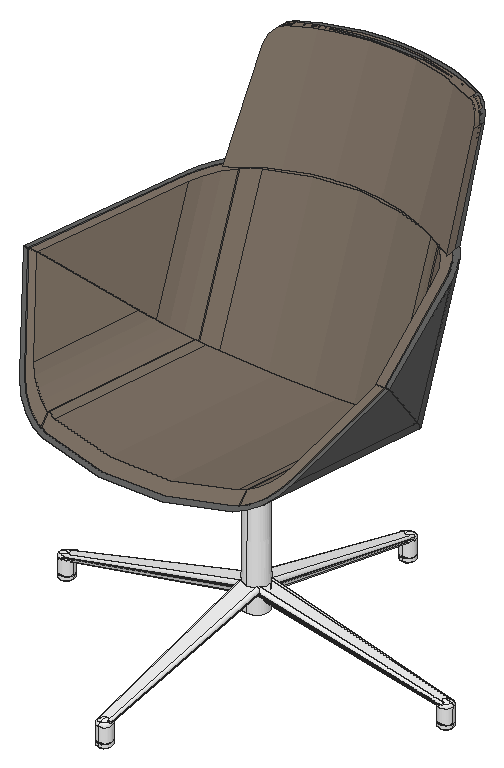
Revit family "Chair-Multi_Purpose-Allermuir-Phoulds PH4U", category Furniture, Revit 2012 (continued)
Automatic sketch dimensions
  SweptBlend 17 sketch curve to SweptBlend 17 sketch curve = 0.00531"
  SweptBlend 17 sketch curve to profile plane = 16.42939"
  Revolve 18 sketch curve to level = 0"
  level to Revolve 18 sketch curve = 0.39013"
  Revolve 18 sketch curve to plane 6 = 3.24849"
  level to Revolve 18 sketch curve = 0.11054"
  Revolve 18 sketch curve to Revolve 18 sketch curve = 0"  (x3)
  Revolve 18 sketch curve to Revolve 18 sketch curve = 0.01662"
  level to Revolve 18 sketch curve = 0.32361"
  Revolve 18 sketch curve to Revolve 18 sketch curve = 0.02639"
  Revolve 18 sketch curve to Revolve 18 sketch curve = 0.05676"
  Revolve 18 sketch curve to Revolve 18 sketch curve = 0.10984"
  Revolve 18 sketch curve to Revolve 18 sketch curve = 0.12901"
  Revolve 18 sketch curve to Revolve 18 sketch curve = 0.12099"
  Revolve 18 sketch curve to Revolve 18 sketch curve = 9/32"
  level to Revolve 18 sketch curve = 0.31404"
  Revolve 18 sketch curve to Revolve 18 sketch curve = 0.36381"
  Revolve 18 sketch curve to Revolve 18 sketch curve = 0.48691"
  Revolve 18 sketch curve to Revolve 18 sketch curve = 0.22288"
  Revolve 19 sketch curve to level = 0"
  level to Revolve 19 sketch curve = 0.39013"
  Revolve 19 sketch curve to plane 7 = 3.24849"
  level to Revolve 19 sketch curve = 0.11054"
  Revolve 19 sketch curve to Revolve 19 sketch curve = 0"  (x3)
  Revolve 19 sketch curve to Revolve 19 sketch curve = 0.01662"
  level to Revolve 19 sketch curve = 0.32361"
  Revolve 19 sketch curve to Revolve 19 sketch curve = 0.02639"
  Revolve 19 sketch curve to Revolve 19 sketch curve = 0.05676"
  Revolve 19 sketch curve to Revolve 19 sketch curve = 0.10984"
  Revolve 19 sketch curve to Revolve 19 sketch curve = 0.12901"
  Revolve 19 sketch curve to Revolve 19 sketch curve = 0.12099"
  Revolve 19 sketch curve to Revolve 19 sketch curve = 9/32"
  level to Revolve 19 sketch curve = 0.31404"
  Revolve 19 sketch curve to Revolve 19 sketch curve = 0.36381"
  Revolve 19 sketch curve to Revolve 19 sketch curve = 0.48691"
  Revolve 19 sketch curve to Revolve 19 sketch curve = 0.22288"
  Revolve 20 sketch curve to level = 0"
  level to Revolve 20 sketch curve = 0.39013"
  plane 8 to Revolve 20 sketch curve = 3.87349"
  level to Revolve 20 sketch curve = 0.11054"
  Revolve 20 sketch curve to Revolve 20 sketch curve = 0"  (x3)
  Revolve 20 sketch curve to Revolve 20 sketch curve = 0.01662"
  level to Revolve 20 sketch curve = 0.32361"
  Revolve 20 sketch curve to Revolve 20 sketch curve = 0.02639"
  Revolve 20 sketch curve to Revolve 20 sketch curve = 0.05676"
  Revolve 20 sketch curve to Revolve 20 sketch curve = 0.10984"
  Revolve 20 sketch curve to Revolve 20 sketch curve = 0.12901"
  Revolve 20 sketch curve to Revolve 20 sketch curve = 0.12099"
  Revolve 20 sketch curve to Revolve 20 sketch curve = 9/32"
  level to Revolve 20 sketch curve = 0.31404"
  Revolve 20 sketch curve to Revolve 20 sketch curve = 0.36381"
  Revolve 20 sketch curve to Revolve 20 sketch curve = 0.48691"
  Revolve 20 sketch curve to Revolve 20 sketch curve = 0.22288"
  plane 1 "Center Front/Back" to SweptBlend 21 sketch curve = 0"
  SweptBlend 21 sketch curve to SweptBlend 21 sketch curve = 14.07799"
  profile plane to SweptBlend 21 sketch curve = 1.06091"
  profile plane to SweptBlend 21 sketch curve = 0.84904"
  SweptBlend 21 sketch curve to SweptBlend 21 sketch curve = 0"  (x20)
  SweptBlend 21 sketch curve to SweptBlend 21 sketch curve = 0.01016"
  SweptBlend 21 sketch curve to SweptBlend 21 sketch curve = 0.05223"
  SweptBlend 21 sketch curve to SweptBlend 21 sketch curve = 0.07622"
  SweptBlend 21 sketch curve to SweptBlend 21 sketch curve = 0.26696"
  SweptBlend 21 sketch curve to SweptBlend 21 sketch curve = 0.19882"
  profile plane to SweptBlend 21 sketch curve = 0.2073"
  profile plane to SweptBlend 21 sketch curve = 0.20433"
  profile plane to SweptBlend 21 sketch curve = 0"  (x2)
  SweptBlend 21 sketch curve to profile plane = 0.0031"
  SweptBlend 21 sketch curve to profile plane = 0.20431"
  SweptBlend 21 sketch curve to profile plane = 0.20728"
  SweptBlend 21 sketch curve to SweptBlend 21 sketch curve = 0.35663"
  SweptBlend 21 sketch curve to SweptBlend 21 sketch curve = 0.01804"
  SweptBlend 21 sketch curve to SweptBlend 21 sketch curve = 0.19881"
  SweptBlend 21 sketch curve to SweptBlend 21 sketch curve = 0.02396"
  SweptBlend 21 sketch curve to SweptBlend 21 sketch curve = 0.07613"
  SweptBlend 21 sketch curve to SweptBlend 21 sketch curve = 0.01022"
  SweptBlend 21 sketch curve to profile plane = 19.25468"
  profile plane to SweptBlend 21 sketch curve = 71/128"
  profile plane to SweptBlend 21 sketch curve = 0.4439"
  SweptBlend 21 sketch curve to SweptBlend 21 sketch curve = 0.00531"
  SweptBlend 21 sketch curve to SweptBlend 21 sketch curve = 0.02731"
  SweptBlend 21 sketch curve to SweptBlend 21 sketch curve = 0.03985"
  SweptBlend 21 sketch curve to SweptBlend 21 sketch curve = 0.13957"
  SweptBlend 21 sketch curve to SweptBlend 21 sketch curve = 0.10395"
  profile plane to SweptBlend 21 sketch curve = 0.10838"
  profile plane to SweptBlend 21 sketch curve = 0.10683"
  SweptBlend 21 sketch curve to profile plane = 0.00162"
  SweptBlend 21 sketch curve to profile plane = 0.10682"
  SweptBlend 21 sketch curve to profile plane = 0.10837"
  SweptBlend 21 sketch curve to SweptBlend 21 sketch curve = 0.18646"
  SweptBlend 21 sketch curve to SweptBlend 21 sketch curve = 0.00943"
  SweptBlend 21 sketch curve to SweptBlend 21 sketch curve = 0.10394"
  SweptBlend 21 sketch curve to SweptBlend 21 sketch curve = 0.01253"
  SweptBlend 21 sketch curve to SweptBlend 21 sketch curve = 0.0398"
  SweptBlend 21 sketch curve to SweptBlend 21 sketch curve = 0.00535"
  SweptBlend 21 sketch curve to profile plane = 16.42939"
  curve 62 to curve 63 = 0"
  curve 70 to curve 71 = 0"
  curve 77 to curve 78 = 0"
  curve 86 to curve 87 = 0"
  plane 1 "Center Front/Back" to curve 63 = 0"
  curve 77 to plane 3 "Center Left/Right" = 0"
  curve 71 to plane 3 "Center Left/Right" = 0"
  curve 35 to plane 3 "Center Left/Right" = 0"
  plane 1 "Center Front/Back" to curve 87 = 0"
  curve 9 to plane 3 "Center Left/Right" = 0.1367"
  curve 66 to plane 3 "Center Left/Right" = 0.26454"
  curve 73 to plane 3 "Center Left/Right" = 0.26454"
  curve 73 to plane 3 "Center Left/Right" = 0.31674"
  curve 66 to plane 3 "Center Left/Right" = 0.31674"
  curve 65 to curve 66 = 0.16302"
  curve 73 to curve 73 = 0.16302"
  curve 72 to curve 73 = 0.12622"
  curve 64 to curve 65 = 0.02173"
  curve 70 to curve 64 = 0.00346"
  curve 64 to plane 3 "Center Left/Right" = 0.50667"
  curve 76 to curve 77 = 0.57968"
  curve 69 to curve 70 = 0.56988"
  curve 2 to plane 3 "Center Left/Right" = 3.07175"
  curve 34 to plane 3 "Center Left/Right" = 4.58093"
  curve 10 to curve 2 = 1.95681"
  curve 40 to curve 10 = 0.08337"
  curve 32 to curve 34 = 1.95079"
  curve 38 to curve 40 = 1.45273"
  plane 9 to curve 32 = 0.03625"
  curve 32 to curve 34 = 2.52725"
  curve 36 to curve 10 = 2.12609"
  curve 38 to curve 36 = 0"
  curve 29 to curve 31 = 0.07233"
  curve 1 to curve 38 = 0.22536"
  curve 14 to curve 40 = 0.20881"
  plane 8 to curve 46 = 1.1282"
  plane 6 to curve 46 = 4.12883"
  plane 8 to curve 43 = 0.63812"
  curve 43 to curve 54 = 0"
  plane 8 to curve 44 = 0.26316"
  curve 44 to curve 43 = 0"
  curve 35 to curve 14 = 0.50029"
  curve 49 to curve 14 = 0.6772"
  curve 2 to curve 49 = 0.15886"
  curve 10 to curve 2 = 0.09256"
  curve 53 to curve 10 = 0.01904"
  curve 38 to curve 38 = 1.38664"
  curve 10 to curve 2 = 1.06352"
  curve 9 to curve 10 = 0"
  curve 13 to curve 35 = 1.43427"
  curve 40 to curve 38 = 1.18501"
  plane 6 to curve 34 = 1.64139"
  curve 32 to curve 34 = 0.64155"
  curve 12 to curve 32 = 0.00368"
  curve 2 to curve 40 = 0.50933"
  curve 4 to curve 2 = 0.00112"
  curve 5 to curve 4 = 0.21509"
  curve 11 to curve 12 = 0.28323"
  plane 6 to curve 2 = 1.16511"
  curve 55 to plane 6 = 0.35724"
  curve 61 to plane 6 = 0.70922"
  curve 8 to plane 6 = 1.20279"
  curve 3 to curve 8 = 11/256"
  curve 13 to curve 3 = 0.02565"
  curve 7 to curve 13 = 0.56433"
  curve 6 to curve 4 = 0.00724"
  plane 1 "Center Front/Back" to curve 59 = 0.29985"
  curve 59 to curve 61 = 1.28818"
  curve 57 to curve 59 = 0.19259"
  curve 11 to curve 6 = 0.34908"
  curve 63 to curve 59 = 0.42862"
  curve 62 to curve 57 = 0.24932"
  curve 60 to curve 62 = 0.0454"
  curve 56 to curve 63 = 0.12036"
  curve 55 to plane 1 "Center Front/Back" = 0.44928"
  curve 55 to curve 62 = 0.13571"
  curve 60 to curve 63 = 0.18618"
  curve 62 to curve 60 = 0.10505"
  curve 60 to curve 60 = 0.15579"
  curve 57 to curve 55 = 0.19298"
  curve 58 to curve 56 = 0.00821"
  curve 59 to curve 59 = 0.0098"
  plane 1 "Center Front/Back" to curve 58 = 0.00036"
  curve 58 to curve 62 = 0.14211"
  curve 62 to curve 58 = 0.38914"
  curve 29 to plane 1 "Center Front/Back" = 3.94591"
  curve 29 to curve 62 = 9.76113"
  plane 3 "Center Left/Right" to curve 31 = 0.00006"
  plane 3 "Center Left/Right" to curve 29 = 0.00006"
  plane 3 "Center Left/Right" to curve 67 = 0.00036"
  plane 3 "Center Left/Right" to curve 74 = 0.00036"
  plane 3 "Center Left/Right" to curve 54 = 0.02724"
  plane 3 "Center Left/Right" to curve 36 = 1/32"
  plane 3 "Center Left/Right" to curve 22 = 0.1992"
  plane 3 "Center Left/Right" to curve 75 = 0.26574"
  plane 3 "Center Left/Right" to curve 67 = 0.26574"
  plane 3 "Center Left/Right" to curve 75 = 0.29985"
  plane 3 "Center Left/Right" to curve 68 = 0.29985"
  curve 68 to curve 68 = 0.16203"
  curve 75 to curve 76 = 0.16203"
  curve 68 to curve 79 = 0.02189"
  curve 76 to curve 76 = 0.02679"
  curve 69 to curve 71 = 0.00521"
  plane 3 "Center Left/Right" to curve 79 = 0.52004"
  curve 78 to curve 72 = 0.21849"
  curve 69 to curve 65 = 0.22339"
  curve 22 to curve 15 = 2.93505"
  curve 15 to curve 23 = 1.95681"
  curve 23 to curve 41 = 0.30413"
  plane 7 to curve 39 = 5.74477"
  curve 39 to curve 33 = 0.53754"
  curve 41 to curve 37 = 1.23196"
  curve 23 to curve 1 = 1.77716"
  plane 9 to curve 33 = 0.01894"
  curve 33 to curve 33 = 0.65319"
  curve 41 to curve 37 = 1.82196"
  curve 36 to curve 37 = 0"
  plane 9 to curve 30 = 0.25041"
  curve 33 to curve 30 = 0.07337"
  curve 33 to curve 27 = 0.39714"
  plane 8 to curve 43 = 0.68218"
  curve 41 to curve 43 = 0.72692"
  plane 8 to curve 48 = 0.27879"
  curve 48 to curve 43 = 0"
  plane 8 to curve 47 = 1.17167"
  curve 47 to curve 43 = 0"
  curve 27 to curve 39 = 0.49602"
  curve 27 to curve 50 = 0.65282"
  curve 50 to curve 15 = 0.16459"
  curve 15 to curve 23 = 0.0914"
  curve 50 to plane 8 = 2.37771"
  curve 23 to curve 50 = 0.00986"
  curve 36 to curve 37 = 1.38664"
  curve 50 to curve 23 = 1.30498"
  curve 22 to curve 23 = 0"
  curve 39 to curve 26 = 1.57452"
  curve 21 to curve 41 = 1.18501"
  curve 26 to curve 25 = 0.4443"
  curve 41 to curve 15 = 0.50933"
  curve 15 to curve 17 = 0.00112"
  curve 17 to curve 18 = 0.21509"
  curve 33 to curve 30 = 0.41709"
  plane 7 to curve 15 = 1.10261"
  curve 80 to plane 7 = 0.47532"
  curve 88 to plane 7 = 0.7783"
  curve 21 to plane 7 = 1.26529"
  curve 21 to curve 26 = 0.03982"
  curve 16 to curve 20 = 0.00316"
  curve 20 to curve 25 = 0.55815"
  curve 19 to curve 17 = 0.03183"
  plane 1 "Center Front/Back" to curve 84 = 0.29985"
  curve 88 to curve 84 = 1.2191"
  curve 84 to curve 82 = 0.19259"
  curve 17 to curve 18 = 0.35632"
  curve 84 to curve 87 = 0.42862"
  curve 82 to curve 86 = 0.24932"
  curve 86 to curve 85 = 0.0454"
  curve 87 to curve 81 = 0.12036"
  curve 80 to plane 1 "Center Front/Back" = 0.44928"
  curve 86 to curve 80 = 0.13571"
  curve 87 to curve 85 = 0.18618"
  curve 85 to curve 87 = 0.10505"
  curve 85 to curve 84 = 0.15579"
  curve 80 to curve 82 = 0.19298"
  curve 82 to curve 82 = 0.00821"
  curve 84 to curve 84 = 0.0098"
  plane 1 "Center Front/Back" to curve 83 = 0.00036"
  curve 86 to curve 83 = 0.14211"
  curve 83 to curve 87 = 0.38914"
  curve 31 to plane 1 "Center Front/Back" = 4.02451"
  curve 61 to plane 7 = 20.54578"
  plane 9 to curve 79 = 0.94874"
  plane 9 to curve 64 = 0.95075"
  curve 68 to curve 79 = 1.67365"
  curve 66 to curve 68 = 0.19259"
  curve 70 to curve 66 = 0.24932"
  curve 71 to curve 68 = 0.44541"
  curve 69 to curve 70 = 0.0454"
  curve 69 to curve 65 = 0.06582"
  curve 36 to curve 70 = 6.89159"
  curve 14 to plane 9 = 0.3823"
  curve 33 to curve 27 = 0.40247"
  curve 25 to plane 9 = 1.64102"
  curve 11 to plane 9 = 1.66334"
  curve 33 to curve 24 = 0.03672"
  curve 11 to curve 34 = 0.04173"
  curve 11 to curve 12 = 0.08872"
  curve 12 to curve 32 = 0.00273"
  curve 25 to curve 26 = 0.21383"
  curve 34 to curve 3 = 2.99481"
  curve 20 to curve 88 = 4.33641"
  curve 3 to curve 13 = 0.00091"
  curve 20 to curve 26 = 0.00934"
  curve 13 to curve 7 = 0.02002"
  curve 20 to curve 20 = 0.02093"
  curve 17 to curve 24 = 0.00026"
  curve 4 to curve 11 = 0.00026"
  curve 16 to curve 21 = 0.11776"
  curve 3 to curve 8 = 0.12709"
  curve 56 to curve 63 = 0.22874"
  curve 81 to curve 87 = 0.22874"
  plane 1 "Center Front/Back" to curve 61 = 0.51213"
  plane 1 "Center Front/Back" to curve 88 = 0.50991"
  curve 61 to curve 63 = 0.00535"
  curve 85 to curve 87 = 0.00535"
  curve 60 to curve 60 = 0.02189"
  curve 85 to curve 84 = 0.02189"
  curve 22 to plane 1 "Center Front/Back" = 1.82285"
  curve 9 to curve 22 = 0"
  curve 37 to plane 1 "Center Front/Back" = 2.38373"
  curve 2 to plane 1 "Center Front/Back" = 2.86535"
  curve 15 to plane 1 "Center Front/Back" = 2.86535"
  curve 38 to curve 40 = 1.17424"
  curve 37 to curve 41 = 1.27631"
  curve 40 to curve 10 = 1.20389"
  curve 15 to curve 17 = 0.00036"
  curve 2 to curve 4 = 0.00036"
  curve 44 to plane 8 = 0.64424"
  curve 48 to plane 8 = 0.62771"
  curve 45 to plane 8 = 0.24984"
  curve 51 to plane 8 = 0.19958"
  plane 8 to curve 46 = 0.23018"
  plane 8 to curve 47 = 0.27983"
  curve 75 to curve 35 = 1.67037"
  curve 75 to curve 73 = 0.19259"
  curve 73 to curve 72 = 0.23397"
  curve 75 to curve 78 = 0.4449"
  curve 77 to curve 76 = 0.06076"
  curve 76 to curve 72 = 0.10409"
  radius of Extrusion 12 sketch curve = 2.95218"
